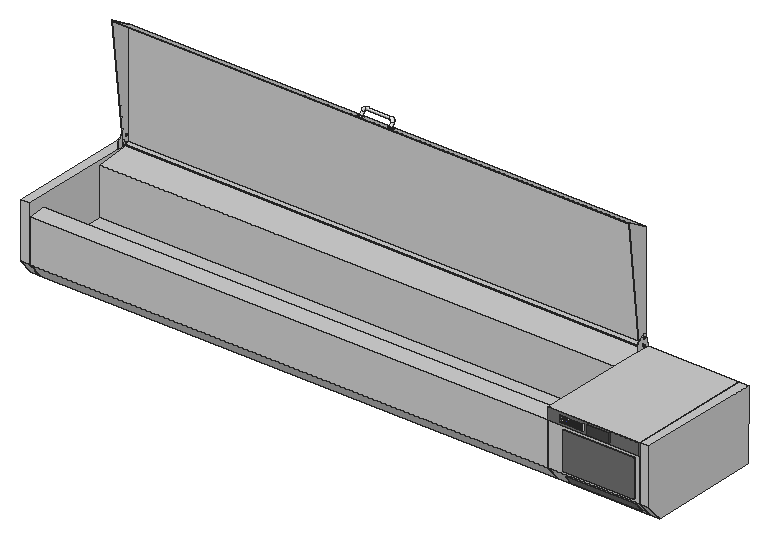
Revit family "Qf_Afinox_VRS2005K", category Specialty Equipment, Revit 2014
Parameters
  Show Logo [instance] = yes
  Show Clearance [instance] = yes
Reference planes
  plane 1 "Back": y = 0
  plane 2: z = 0
  plane 3 "Left": x = 0
  plane 4 "Right": x = 2005
  plane 5 "Front": y = -395
  plane 6 "Top": z = 225
Forms (mm)
  Extrusion 1, solid
    sketch origin (905, 0, 0) x (0, 1, 0) y (0, 0, 1)
      loop
        line (0, 225) -> (-118.091, 213.424) -> (-118.091, 63.424) -> (-342.706, 63.424) -> (-342.706, 191.405) -> (-395, 186.278) -> (-395, 50) -> (-354.511, 0) -> (0, 0) -> (0, 225)
    from -875 to 778
  Extrusion 2, solid
    sketch origin (0, 0, 0) x (0, 1, 0) y (0, 0, 1)
      loop
        line (0, 225) -> (-395, 225) -> (-395, 50) -> (-354.511, 0) -> (0, 0) -> (0, 225)
    from 0 to 30
  Extrusion 3, solid
    sketch origin (1975, 0, 0) x (0, 1, 0) y (0, 0, 1)
      loop
        line (0, 225) -> (-395, 225) -> (-395, 50) -> (-354.511, 0) -> (0, 0) -> (0, 225)
    from 0 to 30
  Extrusion 4, solid
    sketch origin (1945, 0, 0) x (0, 1, 0) y (0, 0, 1)
      loop
        line (0, 225) -> (-395, 225) -> (-395, 50) -> (-354.511, 0) -> (0, 0) -> (0, 225)
    from -262 to 30
  Extrusion 5, solid
    sketch origin (905, -394, -0.038) x (1, 0, 0) y (0, 0, 1)
      loop
        arc (829.65, 178.011) -> (827.352, 177.059) -> (826.4, 174.761) r 3.25
        line (826.4, 174.761) -> (826.4, 59.261)
        arc (826.4, 59.261) -> (827.352, 56.963) -> (829.65, 56.011) r 3.25
        line (829.65, 56.011) -> (1050.15, 56.011)
        arc (1050.15, 56.011) -> (1052.448, 56.963) -> (1053.4, 59.261) r 3.25
        line (1053.4, 59.261) -> (1053.4, 174.761)
        arc (1053.4, 174.761) -> (1052.448, 177.059) -> (1050.15, 178.011) r 3.25
        line (1050.15, 178.011) -> (829.65, 178.011)
    from 0 to 2
  Extrusion 6, solid
    sketch origin (905, -273.564, -98.372) x (1, 0, 0) y (0, -0.62932, 0.777146)
      loop
        arc (829.65, 178.011) -> (827.352, 177.059) -> (826.4, 174.761) r 3.25
        line (826.4, 174.761) -> (826.4, 141.843)
        arc (826.4, 141.843) -> (827.352, 139.544) -> (829.65, 138.593) r 3.25
        line (829.65, 138.593) -> (1050.15, 138.593)
        arc (1050.15, 138.593) -> (1052.448, 139.544) -> (1053.4, 141.843) r 3.25
        line (1053.4, 141.843) -> (1053.4, 174.761)
        arc (1053.4, 174.761) -> (1052.448, 177.059) -> (1050.15, 178.011) r 3.25
        line (1050.15, 178.011) -> (829.65, 178.011)
    from 0 to 2
  Extrusion 7, solid
    sketch origin (897.335, -397, -1.215) x (1, 0, 0) y (0, 0, 1)
      loop
        line (912.065, 221.354) -> (912.065, 192.354) -> (983.065, 192.354) -> (983.065, 221.354) -> (912.065, 221.354)
    from 0 to 3
  Extrusion 8, solid, visible <- "Show Logo"
    sketch origin (1542.556, -397, -384.108) x (1, 0, 0) y (0, 0, 1)
      loop
        line (179.287, 599.596) -> (179.287, 579.899) -> (254.287, 579.899) -> (254.287, 599.596) -> (179.287, 599.596)
      loop
        line (199.226, 597.323) -> (199.226, 582.172) -> (253.014, 582.172) -> (253.014, 597.323) -> (199.226, 597.323)
      loop
        line (180.287, 597.323) -> (180.287, 582.172) -> (198.848, 582.172) -> (198.848, 597.323) -> (180.287, 597.323)
    from 0 to 2
  Extrusion 9, solid, visible <- "Show Logo"
    sketch origin (749.53, -397, -622.718) x (1, 0, 0) y (0, 0, 1)
      loop
        arc (994.034, 825.04) -> (994.842, 823.416) -> (996.479, 824.198) r 1.293
        line (996.479, 824.198) -> (996.958, 825.22) -> (1000.192, 825.22) -> (1000.6, 824.198)
        arc (1000.6, 824.198) -> (1002.252, 823.366) -> (1003.039, 825.04) r 1.291
        line (1003.039, 825.04) -> (999.801, 832.415)
        arc (999.801, 832.415) -> (998.57, 833.402) -> (997.337, 832.418) r 1.263
        line (997.337, 832.418) -> (994.034, 825.04)
      loop
        line (999.576, 827.427) -> (998.603, 829.738) -> (997.631, 827.445) -> (999.576, 827.427)
      loop
        line (1004.344, 832.421) -> (1004.344, 824.556)
        arc (1004.344, 824.556) -> (1005.631, 823.448) -> (1006.918, 824.556) r 1.302
        line (1006.918, 824.556) -> (1006.918, 827.178) -> (1010.126, 827.178)
        arc (1010.126, 827.178) -> (1011.3, 828.493) -> (1010.126, 829.808) r 1.323
        line (1010.126, 829.808) -> (1006.918, 829.808) -> (1006.918, 830.954) -> (1010.126, 830.954)
        arc (1010.126, 830.954) -> (1011.264, 832.233) -> (1010.126, 833.511) r 1.287
        line (1010.126, 833.511) -> (1005.326, 833.511)
        arc (1005.326, 833.511) -> (1004.652, 833.13) -> (1004.344, 832.421) r 1.22
      loop
        line (1012.593, 832.457) -> (1012.593, 824.488)
        arc (1012.593, 824.488) -> (1013.928, 823.343) -> (1015.262, 824.488) r 1.35
        line (1015.262, 824.488) -> (1015.262, 832.457)
        arc (1015.262, 832.457) -> (1013.928, 833.516) -> (1012.593, 832.457) r 1.37
      loop
        arc (1019.372, 832.457) -> (1018.038, 833.516) -> (1016.703, 832.457) r 1.37
        line (1016.703, 832.457) -> (1016.703, 824.488)
        arc (1016.703, 824.488) -> (1018.038, 823.343) -> (1019.372, 824.488) r 1.35
        line (1019.372, 824.488) -> (1019.372, 828.473) -> (1022.448, 824.488)
        arc (1022.448, 824.488) -> (1023.783, 823.343) -> (1025.118, 824.488) r 1.35
        line (1025.118, 824.488) -> (1025.118, 832.457)
        arc (1025.118, 832.457) -> (1023.783, 833.516) -> (1022.448, 832.457) r 1.37
        line (1022.448, 832.457) -> (1022.448, 828.473) -> (1019.372, 832.457)
      loop
        circle (1031.159, 828.429) r 5.095
      loop
        circle (1031.159, 828.429) r 2.733
      loop
        line (1036.425, 831.5) -> (1038.763, 828.375) -> (1036.365, 825.267)
        arc (1036.365, 825.267) -> (1036.712, 823.621) -> (1038.393, 823.703) r 1.296
        line (1038.393, 823.703) -> (1040.42, 826.313) -> (1042.28, 823.703)
        arc (1042.28, 823.703) -> (1043.993, 823.58) -> (1044.434, 825.238) r 1.346
        line (1044.434, 825.238) -> (1042.048, 828.408) -> (1044.37, 831.408)
        arc (1044.37, 831.408) -> (1044.07, 833.196) -> (1042.269, 832.987) r 1.316
        line (1042.269, 832.987) -> (1040.366, 830.453) -> (1038.502, 833.054)
        arc (1038.502, 833.054) -> (1036.78, 833.19) -> (1036.425, 831.5) r 1.308
      loop
        line (1046.04, 835.933) -> (992.253, 835.933) -> (992.253, 820.782) -> (1046.04, 820.782) -> (1046.04, 835.933)
    from 0 to 2
  Extrusion 10, solid, visible <- "Show Logo"
    sketch origin (742.402, -397, -442.664) x (1, 0, 0) y (0, 0, 1)
      loop
        line (980.441, 655.879) -> (980.441, 640.728) -> (999.001, 640.728) -> (999.001, 655.879) -> (980.441, 655.879)
      loop
        arc (982.146, 642.435) -> (982.404, 641.667) -> (983.211, 641.586) r 0.747
        line (983.211, 641.586) -> (989.781, 644.576) -> (996.334, 641.6)
        arc (996.334, 641.6) -> (997.088, 641.702) -> (997.296, 642.435) r 0.695
        line (997.296, 642.435) -> (990.231, 654.688)
        arc (990.231, 654.688) -> (989.721, 654.992) -> (989.211, 654.688) r 0.58
        line (989.211, 654.688) -> (982.146, 642.435)
    from 0 to 2
  Extrusion 11, solid, visible <- "Show Logo"
    sketch origin (708.114, -397, -392.26) x (1, 0, 0) y (0, 0, 1)
      loop
        arc (1016.435, 592.031) -> (1016.693, 591.262) -> (1017.5, 591.182) r 0.747
        line (1017.5, 591.182) -> (1024.07, 594.172) -> (1030.623, 591.195)
        arc (1030.623, 591.195) -> (1031.377, 591.298) -> (1031.584, 592.031) r 0.695
        line (1031.584, 592.031) -> (1024.52, 604.283)
        arc (1024.52, 604.283) -> (1024.01, 604.588) -> (1023.5, 604.283) r 0.58
        line (1023.5, 604.283) -> (1016.435, 592.031)
      loop
        arc (1035.45, 594.582) -> (1036.258, 592.958) -> (1037.895, 593.739) r 1.293
        line (1037.895, 593.739) -> (1038.374, 594.762) -> (1041.608, 594.762) -> (1042.016, 593.739)
        arc (1042.016, 593.739) -> (1043.668, 592.908) -> (1044.455, 594.582) r 1.291
        line (1044.455, 594.582) -> (1041.218, 601.957)
        arc (1041.218, 601.957) -> (1039.986, 602.943) -> (1038.753, 601.959) r 1.263
        line (1038.753, 601.959) -> (1035.45, 594.582)
      loop
        line (1040.992, 596.969) -> (1040.02, 599.279) -> (1039.047, 596.987) -> (1040.992, 596.969)
      loop
        arc (1045.76, 594.097) -> (1047.047, 592.99) -> (1048.334, 594.097) r 1.302
        line (1048.334, 594.097) -> (1048.334, 596.72) -> (1051.542, 596.72)
        arc (1051.542, 596.72) -> (1052.716, 598.035) -> (1051.542, 599.35) r 1.323
        line (1051.542, 599.35) -> (1048.334, 599.35) -> (1048.334, 600.496) -> (1051.542, 600.496)
        arc (1051.542, 600.496) -> (1052.681, 601.774) -> (1051.542, 603.052) r 1.287
        line (1051.542, 603.052) -> (1046.742, 603.052)
        arc (1046.742, 603.052) -> (1046.069, 602.672) -> (1045.76, 601.962) r 1.22
        line (1045.76, 601.962) -> (1045.76, 594.097)
      loop
        arc (1054.01, 594.029) -> (1055.344, 592.884) -> (1056.679, 594.029) r 1.35
        line (1056.679, 594.029) -> (1056.679, 601.999)
        arc (1056.679, 601.999) -> (1055.344, 603.058) -> (1054.01, 601.999) r 1.37
        line (1054.01, 601.999) -> (1054.01, 594.029)
      loop
        arc (1058.12, 594.029) -> (1059.454, 592.884) -> (1060.789, 594.029) r 1.35
        line (1060.789, 594.029) -> (1060.789, 598.014) -> (1063.865, 594.029)
        arc (1063.865, 594.029) -> (1065.199, 592.884) -> (1066.534, 594.029) r 1.35
        line (1066.534, 594.029) -> (1066.534, 601.999)
        arc (1066.534, 601.999) -> (1065.199, 603.058) -> (1063.865, 601.999) r 1.37
        line (1063.865, 601.999) -> (1063.865, 598.014) -> (1060.789, 601.999)
        arc (1060.789, 601.999) -> (1059.454, 603.058) -> (1058.12, 601.999) r 1.37
        line (1058.12, 601.999) -> (1058.12, 594.029)
      loop
        circle (1072.575, 597.971) r 5.095
      loop
        circle (1072.575, 597.971) r 2.733
      loop
        line (1080.18, 597.917) -> (1077.782, 594.809)
        arc (1077.782, 594.809) -> (1078.129, 593.163) -> (1079.809, 593.245) r 1.296
        line (1079.809, 593.245) -> (1081.836, 595.854) -> (1083.697, 593.245)
        arc (1083.697, 593.245) -> (1085.409, 593.121) -> (1085.851, 594.78) r 1.346
        line (1085.851, 594.78) -> (1083.464, 597.949) -> (1085.787, 600.95)
        arc (1085.787, 600.95) -> (1085.486, 602.737) -> (1083.686, 602.528) r 1.316
        line (1083.686, 602.528) -> (1081.782, 599.994) -> (1079.918, 602.596)
        arc (1079.918, 602.596) -> (1078.197, 602.731) -> (1077.841, 601.041) r 1.308
        line (1077.841, 601.041) -> (1080.18, 597.917)
    from 0 to 2
  Extrusion 12, solid
    sketch origin (770.935, -395, 3.646) x (1, 0, 0) y (0, 0, 1)
      loop
        line (912.065, 221.354) -> (912.065, 182.633) -> (1204.065, 182.633) -> (1204.065, 221.354) -> (912.065, 221.354)
    from 0 to 2
  Extrusion 13, solid
    sketch origin (905, -6.8, 0) x (1, 0, 0) y (0, 0, 1)
      loop
        circle (1050, 20) r 5
    from -17.6 to -6.8
  Extrusion 14, solid
    sketch origin (905, 0, 0) x (1, 0, 0) y (0, 0, 1)
      loop
        line (-875, 13) -> (1070, 13) -> (1070, 186) -> (-875, 186) -> (-875, 13)
      loop
        circle (1050, 20) r 5
    from -10.8 to 0
  Extrusion 15, solid
    sketch origin (905, 0, 0) x (0, 1, 0) y (0, 0, 1)
      loop
        line (-4.839, 566.059) -> (-5.711, 567.602) -> (-67.897, 604.966) -> (-67.483, 601.218) -> (-7.839, 565.38) -> (-7.839, 234.059) -> (-26.661, 234.059) -> (-26.661, 231.059) -> (-4.839, 231.059) -> (-4.839, 566.059)
    from -870.5 to 773.5
  Extrusion 16, solid
    sketch origin (31.5, 0, 0) x (0, 1, 0) y (0, 0, 1)
      loop
        line (-26.661, 231.059) -> (-4.839, 231.059) -> (-4.839, 566.059) -> (-5.711, 567.602) -> (-67.897, 604.966) -> (-26.661, 231.059)
    from 0 to 3
  Extrusion 17, solid
    sketch origin (1678.5, 0, 0) x (0, 1, 0) y (0, 0, 1)
      loop
        line (-26.661, 231.059) -> (-4.839, 231.059) -> (-4.839, 566.059) -> (-5.711, 567.602) -> (-67.897, 604.966) -> (-26.661, 231.059)
    from 0 to 3
  Extrusion 18, solid
    sketch origin (27.5, 0, 0) x (0, 1, 0) y (0, 0, 1)
      loop
        line (-1.6, 229.5) -> (-9.4, 262.31)
        arc (-9.4, 262.31) -> (-13.213, 264.976) -> (-16.305, 261.5) r 3.5
        line (-16.305, 261.5) -> (-16.305, 258.7)
        arc (-16.305, 258.7) -> (-19.222, 255.38) -> (-22.819, 257.948) r 3.295
        arc (-22.819, 257.948) -> (-23.057, 258.376) -> (-23.545, 258.419) r 0.522
        arc (-23.545, 258.419) -> (-35.086, 251.292) -> (-39.6, 238.5) r 20.384
        line (-39.6, 238.5) -> (-39.6, 225) -> (-1.6, 225) -> (-1.6, 229.5)
      loop
        line (-16.414, 236.961) -> (-18.9, 242.422)
        arc (-18.9, 242.422) -> (-23.535, 244.158) -> (-25.271, 239.523) r 3.5
        line (-25.271, 239.523) -> (-22.786, 234.062)
        arc (-22.786, 234.062) -> (-18.15, 232.326) -> (-16.414, 236.961) r 3.5
    from 0 to 2.5
  Revolve 19, solid
    sketch origin (0, -19.388, 0) x (1, 0, 0) y (0, 0, 1)
      loop
        line (23.5, 258.511) -> (37.5, 258.511) -> (37.5, 261.033) -> (32.5, 261.033) -> (31.5, 261.5) -> (24.493, 261.5) -> (23.5, 260.507) -> (23.5, 258.511)
      axis (23.5, 258.511) -> (37.5, 258.511)
    angle from 0 to 360
  Revolve 20, solid
    sketch origin (0, -19.388, -23) x (1, 0, 0) y (0, 0, 1)
      loop
        line (23.5, 258.511) -> (37.5, 258.511) -> (37.5, 261.033) -> (32.5, 261.033) -> (31.5, 261.5) -> (24.493, 261.5) -> (23.5, 260.507) -> (23.5, 258.511)
      axis (23.5, 258.511) -> (37.5, 258.511)
    angle from 0 to 360
  Extrusion 21, solid
    sketch origin (1685.5, 0, 0) x (0, 1, 0) y (0, 0, -1)
      loop
        line (-1.6, -229.5) -> (-1.6, -225) -> (-39.6, -225) -> (-39.6, -238.5)
        arc (-39.6, -238.5) -> (-35.086, -251.292) -> (-23.545, -258.419) r 20.384
        arc (-23.545, -258.419) -> (-23.057, -258.376) -> (-22.819, -257.948) r 0.522
        arc (-22.819, -257.948) -> (-19.222, -255.38) -> (-16.305, -258.7) r 3.295
        line (-16.305, -258.7) -> (-16.305, -261.5)
        arc (-16.305, -261.5) -> (-13.213, -264.976) -> (-9.4, -262.31) r 3.5
        line (-9.4, -262.31) -> (-1.6, -229.5)
      loop
        arc (-16.414, -236.961) -> (-18.15, -232.326) -> (-22.786, -234.062) r 3.5
        line (-22.786, -234.062) -> (-25.271, -239.523)
        arc (-25.271, -239.523) -> (-23.535, -244.158) -> (-18.9, -242.422) r 3.5
        line (-18.9, -242.422) -> (-16.414, -236.961)
    from 0 to 2.5
  Revolve 22, solid
    sketch origin (1713, -19.388, 0) x (-1, 0, 0) y (0, 0, -1)
      loop
        line (23.5, -258.511) -> (23.5, -260.507) -> (24.493, -261.5) -> (31.5, -261.5) -> (32.5, -261.033) -> (37.5, -261.033) -> (37.5, -258.511) -> (23.5, -258.511)
      axis (23.5, -258.511) -> (37.5, -258.511)
    angle from 0 to 360
  Revolve 23, solid
    sketch origin (1713, -19.388, -23) x (-1, 0, 0) y (0, 0, -1)
      loop
        line (23.5, -258.511) -> (23.5, -260.507) -> (24.493, -261.5) -> (31.5, -261.5) -> (32.5, -261.033) -> (37.5, -261.033) -> (37.5, -258.511) -> (23.5, -258.511)
      axis (23.5, -258.511) -> (37.5, -258.511)
    angle from 0 to 360
  Sweep 24, solid
    path origin (452.999, -355.476, 85.218) x (1, 0, 0) y (0, 0.515038, 0.857167)
      loop
        line (356.001, 596.626) -> (356.001, 610.769)
        arc (356.001, 610.769) -> (358.302, 616.325) -> (363.858, 618.626) r 7.857
        line (363.858, 618.626) -> (443.144, 618.626)
        arc (443.144, 618.626) -> (448.7, 616.325) -> (451.001, 610.769) r 7.857
        line (451.001, 610.769) -> (451.001, 596.626)
    profile origin (809, -44.549, 602.688) x (-1, 0, 0) y (0, -0.857167, 0.515038)
      loop
        circle (0, 0) r 4
  Revolve 25, solid
    sketch origin (808.967, 0, 0) x (0, 1, 0) y (0, 0, 1)
      loop
        line (-48.191, 596.626) -> (-51.796, 598.792)
        arc (-51.796, 598.792) -> (-53.02, 598.984) -> (-54.032, 598.269) r 1.648
        line (-54.032, 598.269) -> (-54.747, 598.698)
        arc (-54.747, 598.698) -> (-55.805, 598.856) -> (-56.664, 598.217) r 1.396
        line (-56.664, 598.217) -> (-49.736, 594.055) -> (-48.191, 596.626)
      axis (-48.191, 596.626) -> (-49.736, 594.055)
    angle from 0 to 360
  Revolve 26, solid
    sketch origin (903.967, 0, 0) x (0, 1, 0) y (0, 0, 1)
      loop
        line (-48.191, 596.626) -> (-51.796, 598.792)
        arc (-51.796, 598.792) -> (-53.02, 598.984) -> (-54.032, 598.269) r 1.648
        line (-54.032, 598.269) -> (-54.747, 598.698)
        arc (-54.747, 598.698) -> (-55.805, 598.856) -> (-56.664, 598.217) r 1.396
        line (-56.664, 598.217) -> (-49.736, 594.055) -> (-48.191, 596.626)
      axis (-48.191, 596.626) -> (-49.736, 594.055)
    angle from 0 to 360
Lines and regions (mm)
  symbolic lines, style "200-EquipBorder-2D"
    curve 1: line (0, 0, 0) -> (2005, 0, 0)
    curve 2: line (0, -395, 0) -> (0, 0, 0)
    curve 3: line (2005, -395, 0) -> (0, -395, 0)
    curve 4: line (2005, 0, 0) -> (2005, -395, 0)
    curve 10: line (30, 0, 0) -> (30, 10.8, 0)
    curve 11: line (30, 10.8, 0) -> (1975, 10.8, 0)
    curve 12: line (1975, 10.8, 0) -> (1975, 0, 0)
  symbolic lines, style "200-EquipInternal-2D"
    curve 5: line (30, -22.377, 0) -> (30, -395, 0)
    curve 6: line (1683, -22.377, 0) -> (1683, -395, 0)
    curve 7: line (1975, 0, 0) -> (1975, -395, 0)
    curve 8: line (1683, -342.706, 0) -> (30, -342.706, 0)
    curve 9: line (30, -118.091, 0) -> (1683, -118.091, 0)
    curve 13: line (31.5, -4.839, 0) -> (1681.5, -4.839, 0)
    curve 14: line (31.5, -67.897, 0) -> (31.5, -4.839, 0)
    curve 15: line (1681.5, -67.897, 0) -> (31.5, -67.897, 0)
    curve 16: line (1681.5, -4.839, 0) -> (1681.5, -67.897, 0)
    curve 17: line (1689.5, -17.393, 0) -> (1689.5, -21.384, 0)
    curve 18: line (1689.5, -21.384, 0) -> (1688.507, -22.377, 0)
    curve 19: line (1688.507, -22.377, 0) -> (1681.5, -22.377, 0)
    curve 20: line (1688.507, -16.4, 0) -> (1681.5, -16.4, 0)
    curve 21: line (1688.507, -16.4, 0) -> (1689.5, -17.393, 0)
    curve 22: line (1683, 0, 0) -> (1683, -16.4, 0)
    curve 23: line (1683, -1.6, 0) -> (1685.5, -1.6, 0)
    curve 24: line (1685.5, -1.6, 0) -> (1685.5, -16.4, 0)
    curve 25: line (1685.5, -22.377, 0) -> (1685.5, -39.6, 0)
    curve 26: line (1685.5, -39.6, 0) -> (1683, -39.6, 0)
    curve 27: line (31.5, -16.414, 0) -> (24.493, -16.414, 0)
    curve 28: line (24.493, -16.414, 0) -> (23.5, -17.407, 0)
    curve 29: line (23.5, -17.407, 0) -> (23.5, -21.384, 0)
    curve 30: line (23.5, -21.384, 0) -> (24.493, -22.377, 0)
    curve 31: line (24.493, -22.377, 0) -> (31.5, -22.377, 0)
    curve 32: line (30, -1.6, 0) -> (27.5, -1.6, 0)
    curve 33: line (27.5, -1.6, 0) -> (27.5, -16.414, 0)
    curve 34: line (27.5, -22.377, 0) -> (27.5, -39.6, 0)
    curve 35: line (27.5, -39.6, 0) -> (30, -39.6, 0)
    curve 36: spline (804.822, -43.789, 0) -> (802.283, -45.842, 0) -> (800.991, -48.62, 0) -> (801.185, -51.607, 0) -> (802.83, -54.244, 0) -> (805.62, -56.042, 0) -> (809.033, -56.664, 0) -> (812.434, -55.995, 0) -> (815.189, -54.159, 0) -> (816.784, -51.498, 0) -> (816.922, -48.51, 0) -> (815.577, -45.749, 0) -> (813, -43.733, 0)
    curve 37: spline (900, -43.701, 0) -> (897.391, -45.709, 0) -> (896.02, -48.475, 0) -> (896.145, -51.479, 0) -> (897.742, -54.154, 0) -> (900.51, -55.999, 0) -> (903.93, -56.664, 0) -> (907.356, -56.026, 0) -> (910.145, -54.204, 0) -> (911.77, -51.541, 0) -> (911.928, -48.539, 0) -> (910.587, -45.762, 0) -> (908, -43.733, 0)
    curve 38: spline (813, -48.191, 0) -> (812.864, -49.079, 0) -> (812.464, -49.906, 0) -> (811.828, -50.616, 0) -> (811, -51.161, 0) -> (810.035, -51.503, 0) -> (809, -51.62, 0) -> (807.965, -51.503, 0) -> (807, -51.161, 0) -> (806.172, -50.616, 0) -> (805.536, -49.906, 0) -> (805.136, -49.079, 0) -> (805, -48.191, 0)
    curve 39: spline (908, -48.191, 0) -> (907.864, -49.079, 0) -> (907.464, -49.906, 0) -> (906.828, -50.616, 0) -> (906, -51.161, 0) -> (905.035, -51.503, 0) -> (904, -51.62, 0) -> (902.965, -51.503, 0) -> (902, -51.161, 0) -> (901.172, -50.616, 0) -> (900.536, -49.906, 0) -> (900.136, -49.079, 0) -> (900, -48.191, 0)
    curve 40: line (805, -48.191, 0) -> (805, -40.849, 0)
    curve 41: line (813, -48.191, 0) -> (813, -41.684, 0)
    curve 42: line (900, -48.191, 0) -> (900, -41.628, 0)
    curve 43: line (908, -48.191, 0) -> (908, -40.849, 0)
    curve 44: line (816.774, -40.849, 0) -> (896.472, -40.849, 0)
    curve 45: line (816.774, -32.842, 0) -> (896.226, -32.842, 0)
    curve 46: spline (816.774, -32.842, 0) -> (815.237, -32.911, 0) -> (813.726, -33.115, 0) -> (812.268, -33.452, 0) -> (810.887, -33.915, 0) -> (809.606, -34.497, 0) -> (808.448, -35.187, 0) -> (807.433, -35.975, 0) -> (806.577, -36.846, 0) -> (805.896, -37.785, 0) -> (805.401, -38.777, 0) -> (805.101, -39.804, 0) -> (805, -40.849, 0)
    curve 47: spline (896.226, -32.842, 0) -> (897.763, -32.911, 0) -> (899.274, -33.115, 0) -> (900.732, -33.452, 0) -> (902.113, -33.915, 0) -> (903.394, -34.497, 0) -> (904.552, -35.187, 0) -> (905.567, -35.975, 0) -> (906.423, -36.846, 0) -> (907.104, -37.785, 0) -> (907.599, -38.777, 0) -> (907.899, -39.804, 0) -> (908, -40.849, 0)
    curve 48: arc (900, -41.628, 0) -> (898.279, -41.046, 0) -> (896.472, -40.849, 0) r 8.377
    curve 49: arc (813, -41.684, 0) -> (814.841, -41.061, 0) -> (816.774, -40.849, 0) r 8.945
    curve 50: line (30, 0, 0) -> (30, -16.414, 0)
Dimensions and locks
  plane 3 "Left" to plane 4 "Right" = 2005 mm
  plane 5 "Front" to plane 1 "Back" = 395 mm
  plane 6 "Top" to level = 225 mm
  aligned and locked: level to plane 2
  aligned and locked: Extrusion 14 to Extrusion 1
  aligned and locked: Extrusion 14 to Extrusion 2
Connectors
  electrical at (1955, 10.8, 20)
    settings: on Extrusion 13, index 1, voltage 0 V, apparent load 0 VA, apparent load phase1 0 VA, apparent load phase2 0 VA, apparent load phase3 0 VA, power factor 1, load classification "Other", number of poles 1, system type 31, power factor state 1, is connector primary yes, connector utility no, sub classification motor no, connector description "Electrical connection"
